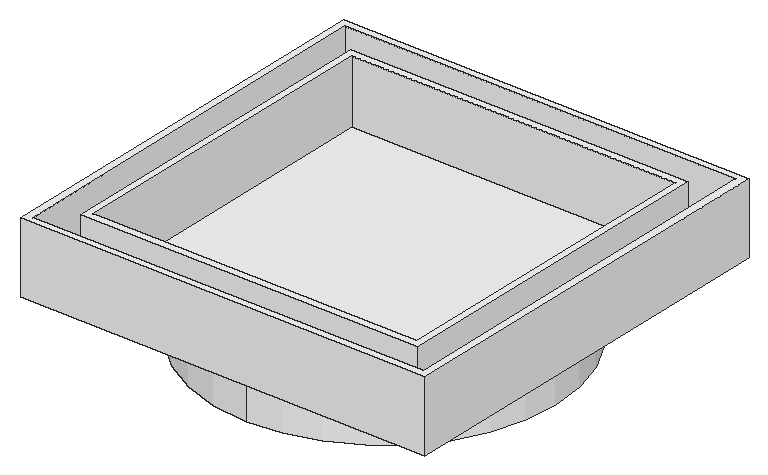
Revit family "Reece_Waste_Mizu_Drift_Tile Insert Waste", category Plumbing Fixtures, host Face, Revit 2018
Family settings
  Host = Face
  Round Connector Dimension = Use Diameter
  Part Type = Normal
  Cut with Voids When Loaded = No
  Shared = Yes
  Room Calculation Point = Yes
Parameters (values of type "100mm_Chrome")
  Waste Connection = no
  WFU = 0  # constant formula
  Vent Connection = no
  URL = "https://www.reece.com.au/product/-202209"
  Type Comments = "Waste\r\n"
  Reece_Waste_Outlet = 102 mm
  Reece_Product_Web Page = "https://www.reece.com.au/product/-202209"
  Reece_Product_Type = "Waste\r\n"  # constant formula
  Reece_Product_Sub Brand = "Drift"  # constant formula
  Reece_Product_Number = "202209"
  Reece_Product_Mount = "Floor Inset"
  Reece_Product_Description = "Mizu Drift Tile Insert Waste 100mm Chrome"
  Reece_Product_Brand = "Mizu"  # constant formula
  Reece_Overall_Width = 120 mm  # constant formula
  Reece_Overall_Length = 120 mm  # constant formula
  Reece_Overall_Height = 37 mm  # constant formula
  Reece_Material_Secondary = none
  Reece_Material_Main = Reece_Brass_Chrome
  Reece_Drain_Offset = 10 mm
  Reece_Detail_Shape = ""
  Reece_Detail_Disclaimer = "THIS FILE IS THE PROPERTY OF THE REECE GROUP. IT MAY NOT BE REPRODUCED, REVERSE-ENGINEERED OR MODIFIED. ANY REPUBLICATION, TRANSMISSION OR DISTRIBUTION FOR THE PURPOSE OF COMMERCIALLY EXPLOITING THE FILES IS PROHIBITED."  # constant formula
  Reece_Detail_Additional = ""
  Model = "Drift"
  Manufacturer = "Mizu"
  Keynote = "Product #202209, Reece_Waste_Mizu_Drift_Tile Insert Waste - 100mm_Chrome"
  HWFU = 0  # constant formula
  HW Connection = no
  Disclaimer = "THIS FILE IS THE PROPERTY OF THE REECE GROUP. IT MAY NOT BE REPRODUCED, REVERSE-ENGINEERED OR MODIFIED. ANY REPUBLICATION, TRANSMISSION OR DISTRIBUTION FOR THE PURPOSE OF COMMERCIALLY EXPLOITING THE FILES IS PROHIBITED."  # constant formula
  Description = "Mizu Drift Tile Insert Waste 100mm Chrome"
  Default Elevation = 1000 mm
  CWFU = 0  # constant formula
  CW Connection = no
Reference planes
  plane 1 "Center (Front/Back)": y = 0
  plane 2 "Bottom": z = 0
  plane 3 "Center (Left/Right)": x = 0
  plane 4: x = -50
  plane 5: x = 50
  plane 6: x = 60
  plane 7: x = -60
  plane 8: y = 60
  plane 9: y = 50
  plane 10: y = -50
  plane 11: y = -60
  plane 12: z = -21
  plane 13: z = -37
  plane 14: z = -19
  plane 15: x = -51
  plane 16: x = 51
  plane 17: y = 51
  plane 18: y = -51
  plane 19: z = -2
  plane 20: z = 1
Forms (mm)
  Extrusion 1, void
    sketch origin (0, 0, 0) x (1, 0, 0) y (0, 1, 0)
      loop
        line (-60, 60) -> (-60, -60) -> (60, -60) -> (60, 60) -> (-60, 60)
      loop
        line (-48, -48) -> (48, -48) -> (48, 48) -> (-48, 48) -> (-48, -48)
    from -21 to 0
  Extrusion 2, void
    sketch origin (0, 0, 0) x (1, 0, 0) y (0, 1, 0)
      loop
        circle (0, 0) r 51
    from -37 to -21
  Extrusion 3, solid, material "Reece_Brass_Chrome" <- "Reece_Material_Main"
    sketch origin (0, 0, 0) x (1, 0, 0) y (0, 1, 0)
      loop
        line (-60, 60) -> (-60, -60) -> (60, -60) -> (60, 60) -> (-60, 60)
      loop
        line (-58, 58) -> (-58, -58) -> (58, -58) -> (58, 58) -> (-58, 58)
      loop
        line (-50, 50) -> (-50, -50) -> (50, -50) -> (50, 50) -> (-50, 50)
      loop
        line (-48, 48) -> (-48, -48) -> (48, -48) -> (48, 48) -> (-48, 48)
    from -19 to 0
  Extrusion 4, solid, material "Reece_Brass_Chrome" <- "Reece_Material_Main"
    sketch origin (0, 0, 0) x (1, 0, 0) y (0, 1, 0)
      loop
        line (-60, 60) -> (-60, -60) -> (60, -60) -> (60, 60) -> (-60, 60)
    from -21 to -19
  Extrusion 5, solid, material "Reece_Brass_Chrome" <- "Reece_Material_Main"
    sketch origin (0, 0, 0) x (1, 0, 0) y (0, 1, 0)
      loop
        circle (0, 0) r 51
      loop
        circle (0, 0) r 49
    from -37 to -21
Cuts and joins
  joined: Extrusion 3, Extrusion 4
Text (mm)
  text "Reece Copyright © 2018, Reece Ltd." at (-832.925, -454.596, 0), in view "Ref. Level"
  text "Reece ©" at (15.979, 169.586, 131.386), in view "Reece Preview"
Dimensions and locks
  equal spacing: plane 8, plane 1 "Center (Front/Back)", plane 11
  equal spacing: plane 7, plane 3 "Center (Left/Right)", plane 6
  "Reece_Overall_Width": plane 7 to plane 6
  "Reece_Overall_Length": plane 8 to plane 11
  locked: plane 14 to plane 12 at 2
  equal spacing: plane 15, plane 3 "Center (Left/Right)", plane 16
  "Reece_Waste_Outlet": plane 15 to plane 16
  equal spacing: plane 18, plane 1 "Center (Front/Back)", plane 17
  "Reece_Waste_Outlet": plane 17 to plane 18
  locked: plane 2 "Bottom" to plane 19 at 2
  "Reece_Overall_Height": level to plane 13
  aligned and locked: plane 2 "Bottom" to host face
  aligned and locked: level to host face
  aligned and locked: Extrusion 1 sketch curve to plane 8
  aligned and locked: Extrusion 1 sketch curve to plane 6
  aligned and locked: Extrusion 1 sketch curve to plane 11
  aligned and locked: Extrusion 1 sketch curve to plane 7
  aligned and locked: Extrusion 1 to plane 12
  aligned and locked: level to Extrusion 1
  aligned and locked: Extrusion 2 to plane 13
  aligned and locked: plane 12 to Extrusion 2
  aligned and locked: Extrusion 3 sketch curve to plane 8
  aligned and locked: plane 7 to Extrusion 3 sketch curve
  aligned and locked: Extrusion 3 sketch curve to plane 11
  aligned and locked: plane 6 to Extrusion 3 sketch curve
  aligned and locked: Extrusion 3 sketch curve to plane 9
  aligned and locked: plane 4 to Extrusion 3 sketch curve
  aligned and locked: plane 10 to Extrusion 3 sketch curve
  aligned and locked: Extrusion 3 sketch curve to plane 5
  aligned and locked: level to Extrusion 3
  aligned and locked: Extrusion 3 to plane 14
  aligned and locked: Extrusion 4 sketch curve to plane 8
  aligned and locked: plane 6 to Extrusion 4 sketch curve
  aligned and locked: Extrusion 4 sketch curve to plane 11
  aligned and locked: plane 7 to Extrusion 4 sketch curve
  aligned and locked: Extrusion 4 to plane 12
  aligned and locked: Extrusion 4 to Extrusion 3
  aligned and locked: Extrusion 5 to plane 13
  aligned and locked: plane 12 to Extrusion 5
  aligned and locked: Extrusion 2 sketch curve to Extrusion 5  (x2)
  aligned and locked: cut or joined group of Extrusion 3, Extrusion 4 to Extrusion 1 sketch curve
  aligned and locked: Extrusion 1 sketch curve to cut or joined group of Extrusion 3, Extrusion 4  (x3)
Automatic sketch dimensions
  host sketch curve to host sketch curve = 320.197 mm
  host sketch curve to host sketch curve = 317.421 mm
  Extrusion 3 sketch curve to plane 8 = 2 mm
  Extrusion 3 sketch curve to plane 9 = 2 mm
  plane 10 to Extrusion 3 sketch curve = 2 mm
  Extrusion 3 sketch curve to plane 11 = 2 mm
  plane 7 to Extrusion 3 sketch curve = 2 mm
  plane 4 to Extrusion 3 sketch curve = 2 mm
  Extrusion 3 sketch curve to plane 5 = 2 mm
  Extrusion 2 sketch curve to plane 3 "Center (Left/Right)" = 0 mm  (x2)
  Extrusion 5 sketch curve to Extrusion 5 sketch curve = 0 mm  (x2)
  plane 1 "Center (Front/Back)" to Extrusion 5 sketch curve = 0 mm
  Extrusion 5 sketch curve to plane 3 "Center (Left/Right)" = 0 mm  (x5)
  plane 18 to Extrusion 5 sketch curve = 0 mm
  plane 6 to Extrusion 3 sketch curve = 2 mm
  Extrusion 5 sketch curve to Extrusion 5 sketch curve = 2 mm
Connectors
  piping at (0, 0, -37), diameter 102, driven by "Reece_Waste_Outlet"
    settings: on host face, index 1, connector inside diameter 609.6 mm, connector length 0 mm, flow factor 0, pipe flow 0.0 L/s, pressure drop 0.0 Pa, fitting loss kfactor 0, connector angle 0.00°, fixture units 0, engagement length 0 mm, angle of deflection 0.00°, flow configuration 0, flow direction 2, fitting loss method 0, system type 29, joint type 0, gender type 0, connector reference index -1, connector utility 0, adjustable connector no, is connector primary yes, connector description ""
